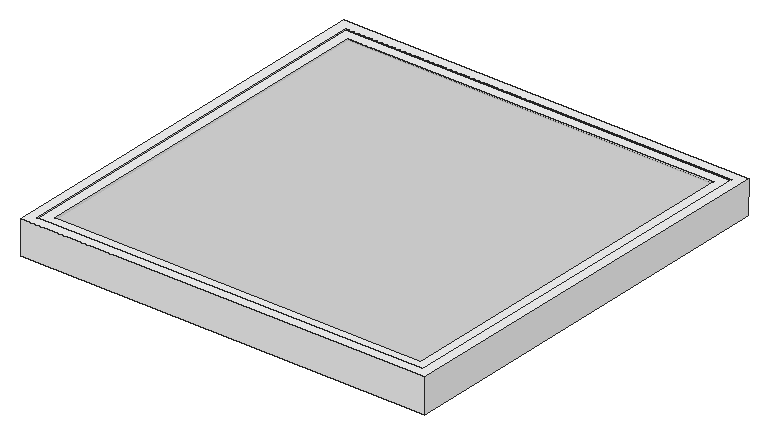
Revit family "0047441 Lighting Fixture_Sylvania_Start Flat Panel LED_Surface Mounted", category Lighting Fixtures, host Face, Revit 2016
Family settings
  Host = Face
  Part Type = Normal
  Round Connector Dimension = Use Diameter
  OmniClass Number = 23.80.70.11.17
  OmniClass Title = Specialized Lighting by Location or Use
  Cut with Voids When Loaded = No
  Light Source = Yes
  Shared = No
  Room Calculation Point = No
Parameters (values of type "Start Flat PanelLED 600 WW 3000K")
  Width = Panel Width + 7.0 mm  # 602.0 mm
  Weight = 3.00 kg
  Wattage = 41.172 W
  built-in parameter 1150110 = 1 (stored number, unit not read)
  Voltage Comments = "UNV (Universal Voltage; 220-240 Volt)"  # constant formula
  Voltage = 230 V  # constant formula
  URL = ""
  built-in parameter 1114217 = 1 (stored number, unit not read)
  Tilt Angle = -90.00°
  built-in parameter 1150109 = 1 (stored number, unit not read)
  built-in parameter 1150134 = (empty or 0)
  Ta Rating = "-15°C to +45°C"  # constant formula
  built-in parameter 1150113 = 1 (stored number, unit not read)
  Product Page URL = ""
  Product Family = "STARTFLAT PANEL LED"  # constant formula
  Photometry Comments = ""
  Photometric Web File = "0047441_StartFlatPanelLED600WW3000K-191306.ies"
  Panel Width = 595.0 mm
  Panel Length = Panel Width  # 595.0 mm
  Life = "50 000h"  # constant formula
  Length = Width  # 602.0 mm
  LOR = "100 %"
  IP Rating = "IP20"  # constant formula
  Height = 50.0 mm
  Glow Wire Test = 650 °C  # constant formula
  Glare Control = "UGR <25"  # constant formula
  Energy Class = "A++, A+, A"  # constant formula
  Electrical Protection = "CLASS II"  # constant formula
  Drive Current = "1200mA"  # constant formula
  Diffuser Material = Polycarbonate_Sylvania_Startflat Panel LED_Opal
  Frame Inner Width = Width - 28.0 mm  # 574.0 mm
  Frame Inner Length = Length - 28.0 mm  # 574.0 mm
  built-in parameter 1114216 [instance] = 1 (stored number, unit not read)
  Model = "Start Flat PanelLED 600 WW 3000K"
  Manufacturer = "Feilo-Sylvania Group"
  built-in parameter 1150105 = 1271.7 (stored number, unit not read)
  Lumens = 3829 lm
  built-in parameter 1150115 = 1 (stored number, unit not read)
  built-in parameter 1150137 = (empty or 0)
  built-in parameter 1150139 = (empty or 0)
  built-in parameter 1150112 = 1 (stored number, unit not read)
  built-in parameter 1150114 = 1 (stored number, unit not read)
  Lamp = "Integrated LED"  # constant formula
  built-in parameter 1150132 = 2
  built-in parameter 1150102 = (empty or 0)
  built-in parameter 1150107 = 3000 (stored number, unit not read)
  built-in parameter 1150138 = (empty or 0)
  built-in parameter 1150106 = 12.717 (stored number, unit not read)
  CRI (Ra) = "84"  # constant formula
  Body Material = Metal_Sylvania_Startflat Panel LED_White
  Emit from Rectangle Width = Width - 57.0 mm  # 545.0 mm
  Emit from Rectangle Length = Length - 57.0 mm  # 545.0 mm
  Emit Shape Visible in Rendering = no
  built-in parameter 1150104 = 8.64 (stored number, unit not read)
  Dimming Lamp Color Temperature Shift = <None>
  Description = "Ultra thin LED Panel, excellent uniformity of light, perfect for ceilings with low voids, high efficacy.Ulta thin edgelit LED 600x600mm Panel with, excellent uniform light distribution. Acrylic PMMA diffuser optimising light output whilst reducing glare. 4239lm 93lm/W."  # constant formula
  Default Elevation = 0.0 mm
  Color Filter = 16777215
  Catalog Number = "0047441 Start Flat PanelLED 600 WW 3000K"
  built-in parameter 1140040 [instance] = 1
  built-in parameter 1114218 = 1 (stored number, unit not read)
  built-in parameter 1150133 = 10 (stored number, unit not read)
  Assembly Code = "D5020200"
  Apparent Load Comments = ""
  Apparent Load = 45.5 VA
  Mounting Material = Metal_Sylvania_Startflat Panel LED_Silver
Reference planes
  plane 1 "Center (Front/Back)": y = 0
  plane 2 "Fixture Top": z = 37.5
  plane 3 "Center (Left/Right)": x = 0
  plane 4: x = 295.5
  plane 5: x = -295.5
  plane 6 "Fixture Back": y = 297.5
  plane 7 "Fixture Front": y = -297.5
  plane 8 "Fixture Left": x = -297.5
  plane 9 "Fixture Right": x = 297.5
  plane 10: y = 295.5
  plane 11: y = -295.5
  plane 12: x = 272.5
  plane 13: x = -272.5
  plane 14: y = 272.5
  plane 15: y = -272.5
  plane 16: x = -287
  plane 17: x = 287
  plane 18: y = 287
  plane 19: y = -287
  plane 20 "Fixture Bottom": z = 48
  plane 21: z = 46
  plane 22: z = 44
  plane 23: z = 0
  plane 24: z = 39.5
  plane 25: x = 301
  plane 26: y = -301
  plane 27: y = 301
  plane 28: x = -301
  plane 29: z = 50
Forms (mm)
  Extrusion 1, solid, material "Metal_Sylvania_Startflat Panel LED_White" <- "Body Material", detail levels fine
    sketch origin (0, 0, 60) x (-1, 0, 0) y (0, -1, 0)
      loop
        line (297.5, -297.5) -> (297.5, 297.5) -> (-297.5, 297.5) -> (-297.5, -297.5) -> (297.5, -297.5)
      loop
        line (272.5, -272.5) -> (272.5, 272.5) -> (-272.5, 272.5) -> (-272.5, -272.5) -> (272.5, -272.5)
    from -14 to -12
  Extrusion 2, solid, material "Metal_Sylvania_Startflat Panel LED_White" <- "Body Material", detail levels fine
    sketch origin (0, 0, 60) x (-1, 0, 0) y (0, -1, 0)
      loop
        line (297.5, -297.5) -> (297.5, 297.5) -> (-297.5, 297.5) -> (-297.5, -297.5) -> (297.5, -297.5)
      loop
        line (295.5, -295.5) -> (295.5, 295.5) -> (-295.5, 295.5) -> (-295.5, -295.5) -> (295.5, -295.5)
    from -22.5 to -14
  Extrusion 3, solid, material "Polycarbonate_Sylvania_Startflat Panel LED_Opal" <- "Diffuser Material", detail levels fine
    sketch origin (0, 0, 60) x (-1, 0, 0) y (0, -1, 0)
      loop
        line (295.5, -295.5) -> (295.5, 295.5) -> (-295.5, 295.5) -> (-295.5, -295.5) -> (295.5, -295.5)
    from -16 to -14
  Extrusion 4, solid, material "Metal_Sylvania_Startflat Panel LED_White" <- "Body Material", detail levels fine
    sketch origin (0, 0, 60) x (-1, 0, 0) y (0, -1, 0)
      loop
        line (297.5, -297.5) -> (297.5, 297.5) -> (-297.5, 297.5) -> (-297.5, -297.5) -> (297.5, -297.5)
    from -22.5 to -20.5
  Extrusion 5, solid, material "Metal_Sylvania_Startflat Panel LED_White" <- "Body Material", detail levels fine
    sketch origin (0, 0, 60) x (-1, 0, 0) y (0, -1, 0)
      loop
        line (301, -301) -> (301, 301) -> (-301, 301) -> (-301, -301) -> (301, -301)
      loop
        line (297.5, -297.5) -> (297.5, 297.5) -> (-297.5, 297.5) -> (-297.5, -297.5) -> (297.5, -297.5)
    from -60 to -12
  Extrusion 6, solid, material "Metal_Sylvania_Startflat Panel LED_White" <- "Body Material", detail levels fine
    sketch origin (0, 0, 60) x (-1, 0, 0) y (0, -1, 0)
      loop
        line (301, -301) -> (301, 301) -> (-301, 301) -> (-301, -301) -> (301, -301)
      loop
        line (287, -287) -> (287, 287) -> (-287, 287) -> (-287, -287) -> (287, -287)
    from -12 to -10
  Extrusion 7, solid, material "Metal_Sylvania_Startflat Panel LED_White" <- "Body Material", detail levels coarse+medium
    sketch origin (0, 0, 60) x (-1, 0, 0) y (0, -1, 0)
      loop
        line (301, -301) -> (301, 301) -> (-301, 301) -> (-301, -301) -> (301, -301)
    from -60 to -10
Cuts and joins
  joined: Extrusion 1, Extrusion 2, Extrusion 4
  joined: Extrusion 5, Extrusion 6
Dimensions and locks
  locked: plane 8 "Fixture Left" to plane 5 at 2
  locked: plane 4 to plane 9 "Fixture Right" at 2
  locked: plane 6 "Fixture Back" to plane 10 at 2
  locked: plane 11 to plane 7 "Fixture Front" at 2
  locked: plane 12 to plane 9 "Fixture Right" at 25
  locked: plane 6 "Fixture Back" to plane 14 at 25
  locked: plane 15 to plane 7 "Fixture Front" at 25
  equal spacing: plane 16, plane 3 "Center (Left/Right)", plane 17
  "Frame Inner Length": plane 16 to plane 17
  equal spacing: plane 18, plane 1 "Center (Front/Back)", plane 19
  "Frame Inner Width": plane 18 to plane 19
  locked: plane 8 "Fixture Left" to plane 13 at 25
  plane 29 to plane 20 "Fixture Bottom" to plane 21 to plane 22 to plane 24 to plane 2 "Fixture Top" = 2.0 mm locked, 2.0 mm locked, 2.0 mm locked, 4.5 mm locked, 2.0 mm locked
  "Height": plane 29 to plane 23
  "Panel Length": plane 8 "Fixture Left" to plane 9 "Fixture Right"
  "Panel Width": plane 6 "Fixture Back" to plane 7 "Fixture Front"
  equal spacing: plane 8 "Fixture Left", plane 3 "Center (Left/Right)", plane 9 "Fixture Right"
  equal spacing: plane 6 "Fixture Back", plane 1 "Center (Front/Back)", plane 7 "Fixture Front"
  "Length": plane 28 to plane 25
  "Width": plane 27 to plane 26
  equal spacing: plane 27, plane 1 "Center (Front/Back)", plane 26
  equal spacing: plane 28, plane 3 "Center (Left/Right)", plane 25
  aligned and locked: level to host face
  aligned and locked: imposter light to plane 1 "Center (Front/Back)"
  aligned and locked: Extrusion 1 sketch curve to plane 6 "Fixture Back"
  aligned and locked: plane 8 "Fixture Left" to Extrusion 1 sketch curve
  aligned and locked: plane 7 "Fixture Front" to Extrusion 1 sketch curve
  aligned and locked: Extrusion 1 sketch curve to plane 9 "Fixture Right"
  aligned and locked: Extrusion 1 sketch curve to plane 14
  aligned and locked: plane 13 to Extrusion 1 sketch curve
  aligned and locked: plane 15 to Extrusion 1 sketch curve
  aligned and locked: Extrusion 1 sketch curve to plane 12
  aligned and locked: Extrusion 2 sketch curve to Extrusion 1  (x4)
  aligned and locked: Extrusion 2 sketch curve to plane 10
  aligned and locked: plane 5 to Extrusion 2 sketch curve
  aligned and locked: plane 11 to Extrusion 2 sketch curve
  aligned and locked: Extrusion 2 sketch curve to plane 4
  aligned and locked: Extrusion 3 sketch curve to cut or joined group of Extrusion 1, Extrusion 2, Extrusion 4  (x4)
  aligned and locked: plane 20 "Fixture Bottom" to cut or joined group of Extrusion 1, Extrusion 2, Extrusion 4
  aligned and locked: cut or joined group of Extrusion 1, Extrusion 2, Extrusion 4 to plane 21
  aligned and locked: plane 21 to cut or joined group of Extrusion 1, Extrusion 2, Extrusion 4
  aligned and locked: cut or joined group of Extrusion 1, Extrusion 2, Extrusion 4 to plane 2 "Fixture Top"
  aligned and locked: plane 21 to Extrusion 3
  aligned and locked: Extrusion 3 to plane 22
  aligned and locked: Extrusion 4 sketch curve to cut or joined group of Extrusion 1, Extrusion 2, Extrusion 4  (x4)
  aligned and locked: Extrusion 4 to plane 2 "Fixture Top"
  aligned and locked: plane 24 to Extrusion 4
  aligned and locked: Extrusion 5 sketch curve to plane 27
  aligned and locked: plane 28 to Extrusion 5 sketch curve
  aligned and locked: plane 26 to Extrusion 5 sketch curve
  aligned and locked: Extrusion 5 sketch curve to plane 25
  aligned and locked: Extrusion 5 sketch curve to cut or joined group of Extrusion 1, Extrusion 2, Extrusion 4  (x4)
  aligned and locked: Extrusion 6 sketch curve to Extrusion 5  (x4)
  aligned and locked: Extrusion 6 sketch curve to plane 18
  aligned and locked: plane 16 to Extrusion 6 sketch curve
  aligned and locked: plane 19 to Extrusion 6 sketch curve
  aligned and locked: Extrusion 6 sketch curve to plane 17
  aligned and locked: plane 20 "Fixture Bottom" to Extrusion 5
  aligned and locked: Extrusion 6 to plane 20 "Fixture Bottom"
  aligned and locked: plane 29 to Extrusion 6
  aligned and locked: cut or joined group of Extrusion 5, Extrusion 6 to plane 23
  aligned and locked: Extrusion 7 sketch curve to cut or joined group of Extrusion 5, Extrusion 6  (x4)
  aligned and locked: Extrusion 7 to level
  aligned and locked: plane 29 to Extrusion 7
  aligned and locked: plane 29 to imposter light
  aligned and locked: plane 3 "Center (Left/Right)" to imposter light
  aligned and locked: level to plane 23
Automatic sketch dimensions
  host sketch curve to host sketch curve = 1461.012 mm
  host sketch curve to host sketch curve = 1283.632 mm
Connectors
  electrical at (0, 0, 0), driven by "Voltage", driven by "Apparent Load"
    settings: on cut or joined group of Extrusion 5, Extrusion 6, index 1, voltage 230 V, apparent load 0 VA, apparent load phase1 45.5 VA, apparent load phase2 0 VA, apparent load phase3 0 VA, power factor 1, load classification "Lighting", number of poles 1, system type 31, power factor state 1, is connector primary yes, connector utility no, sub classification motor no, connector description ""
